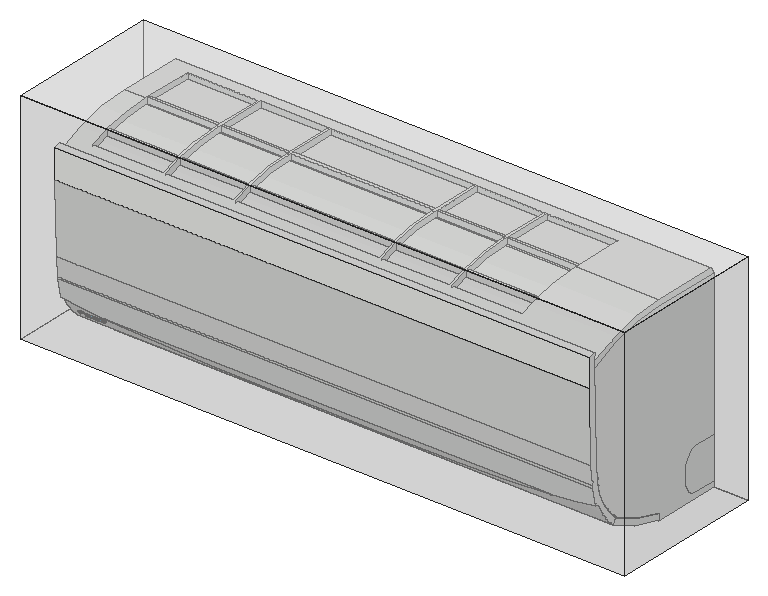
Revit family "outputfile", category 機械設備, Revit 2024 (continued)
Definition of nested family "DAIKIN_indoorunit_CTKM-RVMA"
  Automatic sketch dimensions
    Extrusion 20 sketch curve to Extrusion 20 sketch curve = 0.896 mm
    Extrusion 20 sketch curve to Extrusion 20 sketch curve = 76.3 mm
    Extrusion 20 sketch curve to Extrusion 20 sketch curve = 7.433 mm
    Extrusion 20 sketch curve to Extrusion 20 sketch curve = 26.684 mm
    Extrusion 20 sketch curve to Extrusion 20 sketch curve = 8.909 mm
    plane 1 "Center (Front/Back)" to Extrusion 21 sketch curve = 218.957 mm
    Extrusion 21 sketch curve to Extrusion 21 sketch curve = 5.601 mm
    Extrusion 21 sketch curve to Extrusion 21 sketch curve = 65.735 mm
    Extrusion 21 sketch curve to Extrusion 21 sketch curve = 1.462 mm
    Extrusion 21 sketch curve to Extrusion 21 sketch curve = 83.356 mm
    plane 1 "Center (Front/Back)" to Extrusion 21 sketch curve = 92.093 mm
    Extrusion 21 sketch curve to Extrusion 21 sketch curve = 1.354 mm
    Extrusion 21 sketch curve to level = 291.755 mm
    Extrusion 21 sketch curve to Extrusion 21 sketch curve = 8.588 mm
    Extrusion 21 sketch curve to Extrusion 21 sketch curve = 29.018 mm
    Extrusion 21 sketch curve to Extrusion 21 sketch curve = 7.433 mm
    Extrusion 21 sketch curve to Extrusion 21 sketch curve = 75.403 mm
    Extrusion 21 sketch curve to Extrusion 21 sketch curve = 0.896 mm
    Extrusion 21 sketch curve to level = 72.504 mm
    Extrusion 21 sketch curve to Extrusion 21 sketch curve = 0.504 mm
    plane 1 "Center (Front/Back)" to Extrusion 22 sketch curve = 164.0 mm
    Extrusion 22 sketch curve to Extrusion 22 sketch curve = 34.0 mm
    plane 1 "Center (Front/Back)" to Extrusion 22 sketch curve = 92.093 mm
    Extrusion 22 sketch curve to Extrusion 22 sketch curve = 1.354 mm
    Extrusion 22 sketch curve to level = 291.755 mm
    Extrusion 22 sketch curve to Extrusion 22 sketch curve = 8.588 mm
    Extrusion 22 sketch curve to Extrusion 22 sketch curve = 0.077 mm
    Extrusion 22 sketch curve to Extrusion 22 sketch curve = 9.207 mm
    plane 1 "Center (Front/Back)" to Extrusion 23 sketch curve = 218.957 mm
    Extrusion 23 sketch curve to Extrusion 23 sketch curve = 5.601 mm
    Extrusion 23 sketch curve to Extrusion 23 sketch curve = 49.356 mm
    Extrusion 23 sketch curve to Extrusion 23 sketch curve = 65.735 mm
    Extrusion 23 sketch curve to Extrusion 23 sketch curve = 1.462 mm
    plane 1 "Center (Front/Back)" to Extrusion 23 sketch curve = 92.093 mm
    Extrusion 23 sketch curve to Extrusion 23 sketch curve = 1.354 mm
    Extrusion 23 sketch curve to level = 283.089 mm
    Extrusion 23 sketch curve to Extrusion 23 sketch curve = 9.207 mm
    Extrusion 23 sketch curve to Extrusion 23 sketch curve = 19.733 mm
    Extrusion 23 sketch curve to Extrusion 23 sketch curve = 7.433 mm
    Extrusion 23 sketch curve to Extrusion 23 sketch curve = 75.403 mm
    Extrusion 23 sketch curve to Extrusion 23 sketch curve = 0.896 mm
    Extrusion 23 sketch curve to level = 72.504 mm
    Extrusion 23 sketch curve to Extrusion 23 sketch curve = 0.504 mm
    Extrusion 24 sketch curve to level = 276.055 mm
    plane 1 "Center (Front/Back)" to Extrusion 24 sketch curve = 639.709 mm
    plane 1 "Center (Front/Back)" to Extrusion 24 sketch curve = 258.299 mm
    Extrusion 24 sketch curve to Extrusion 24 sketch curve = 2.64 mm
    Extrusion 24 sketch curve to Extrusion 24 sketch curve = 35.942 mm
    Extrusion 24 sketch curve to Extrusion 24 sketch curve = 1.937 mm
    Extrusion 24 sketch curve to Extrusion 24 sketch curve = 20.299 mm
    Extrusion 24 sketch curve to Extrusion 24 sketch curve = 45.88 mm
    Extrusion 24 sketch curve to Extrusion 24 sketch curve = 41.737 mm
    Extrusion 24 sketch curve to Extrusion 24 sketch curve = 13.741 mm
    Extrusion 24 sketch curve to Extrusion 24 sketch curve = 3.448 mm
    Extrusion 24 sketch curve to level = 253.495 mm
    Extrusion 24 sketch curve to Extrusion 24 sketch curve = 2.571 mm
    Extrusion 24 sketch curve to Extrusion 24 sketch curve = 37.558 mm
    Extrusion 24 sketch curve to Extrusion 24 sketch curve = 33.63 mm
    Extrusion 24 sketch curve to Extrusion 24 sketch curve = 0.492 mm
    Extrusion 24 sketch curve to Extrusion 24 sketch curve = 40.059 mm
    Extrusion 24 sketch curve to Extrusion 24 sketch curve = 22.435 mm
    Extrusion 24 sketch curve to Extrusion 24 sketch curve = 1.992 mm
    Extrusion 24 sketch curve to Extrusion 24 sketch curve = 37.063 mm
    Extrusion 24 sketch curve to Extrusion 24 sketch curve = 0.0 mm
    Extrusion 24 sketch curve to Extrusion 24 sketch curve = 4.147 mm
    Extrusion 25 sketch curve to Extrusion 25 sketch curve = 0.0 mm  (x4)
    Extrusion 25 sketch curve to plane 1 "Center (Front/Back)" = 0.0 mm
    plane 1 "Center (Front/Back)" to Extrusion 25 sketch curve = 87.233 mm
    Extrusion 25 sketch curve to Extrusion 25 sketch curve = 3.506 mm
    Extrusion 25 sketch curve to Extrusion 25 sketch curve = 92.593 mm
    Extrusion 25 sketch curve to Extrusion 25 sketch curve = 45.42 mm
    Extrusion 25 sketch curve to Extrusion 25 sketch curve = 58.927 mm
    Extrusion 25 sketch curve to Extrusion 25 sketch curve = 74.393 mm
    Extrusion 25 sketch curve to Extrusion 25 sketch curve = 2.031 mm
    Extrusion 25 sketch curve to level = 58.927 mm
    Extrusion 25 sketch curve to plane 1 "Center (Front/Back)" = 1866.935 mm
    Extrusion 25 sketch curve to level = 72.504 mm
    Extrusion 25 sketch curve to Extrusion 25 sketch curve = 74.381 mm
    Extrusion 25 sketch curve to Extrusion 25 sketch curve = 24.427 mm
    Extrusion 25 sketch curve to Extrusion 25 sketch curve = 74.426 mm
    Extrusion 25 sketch curve to Extrusion 25 sketch curve = 0.483 mm
    Extrusion 25 sketch curve to Extrusion 25 sketch curve = 4.137 mm
    Extrusion 25 sketch curve to Extrusion 25 sketch curve = 31.393 mm
    Extrusion 25 sketch curve to Extrusion 25 sketch curve = 9.215 mm
    Extrusion 25 sketch curve to level = 8.0 mm
    Extrusion 26 sketch curve to plane 1 "Center (Front/Back)" = 0.0 mm
    Extrusion 26 sketch curve to Extrusion 26 sketch curve = 20.0 mm  (x2)
    Extrusion 26 sketch curve to level = 287.035 mm
    Extrusion 27 sketch curve to plane 1 "Center (Front/Back)" = 0.0 mm
    Extrusion 27 sketch curve to Extrusion 27 sketch curve = 20.0 mm  (x2)
    Extrusion 27 sketch curve to level = 287.035 mm
    plane 1 "Center (Front/Back)" to Extrusion 28 sketch curve = 0.0 mm  (x2)
    plane 3 "Center (Left/Right)" to Extrusion 28 sketch curve = 469.0 mm
    Extrusion 28 sketch curve to Extrusion 28 sketch curve = 20.0 mm  (x4)
    Extrusion 28 sketch curve to plane 3 "Center (Left/Right)" = 409.0 mm
  Nested families
    nested 1: "daikin_logo_plane_w40" at (-320, -198.871, -233.244) x (1, 0, 0) z (0, -0.7841, -0.6206), visible <- "switch_unit1_20-46", type "daikin_logo_plane_w40"
      with show_logo yes
    nested 2: "daikin_logo_plane_w40" at (-430, -237.74, -233.244) x (1, 0, 0) z (0, -0.7841, -0.6206), visible <- "switch_unit1_50-71", type "daikin_logo_plane_w40"
      with show_logo yes
  Definition of nested family "daikin_logo_plane_w40"
    Parameters (values of type "daikin_logo_plane_w40")
      width = 40.0 mm
      show_logo [instance] = yes
      material = none
      height = 0.0 mm
      depth = 0.0 mm
      Default Elevation = 1219.2 mm
    Reference planes
      plane 1 "Center (Front/Back)": y = 0
      plane 2: z = 0
      plane 3 "Center (Left/Right)": x = 0
      plane 4: z = 2
      plane 5 "left": x = -19
      plane 6: x = 19
    Forms (mm)
      Extrusion 1, solid, visible <- "show_logo"
        sketch origin (-19, 0, 0) x (1, 0, 0) y (0, 1, 0)
          loop
            line (8.902, -1.878) -> (7.789, -6.332) -> (11.13, -6.332)
            arc (11.13, -6.332) -> (12.454, -6.064) -> (13.472, -5.176) r 2.642
            arc (13.472, -5.176) -> (13.92, -4.02) -> (13.767, -2.79) r 2.537
            arc (13.767, -2.79) -> (13.452, -2.342) -> (12.982, -2.06) r 1.321
            arc (12.982, -2.06) -> (12.063, -1.902) -> (11.13, -1.878) r 6.479
            line (11.13, -1.878) -> (8.902, -1.878)
          loop
            line (10.016, -5.441) -> (10.907, -5.441)
            arc (10.907, -5.441) -> (11.591, -4.983) -> (11.988, -4.261) r 1.742
            spline (11.988, -4.261) -> (12.01, -4.155) -> (12.027, -4.03) -> (12.037, -3.893) -> (12.037, -3.747) -> (12.026, -3.598) -> (12.002, -3.451) -> (11.962, -3.31) -> (11.905, -3.181) -> (11.829, -3.069) -> (11.731, -2.978) -> (11.61, -2.913) -> (11.464, -2.88)
            line (11.464, -2.88) -> (10.573, -2.88) -> (10.016, -5.441)
          loop
            line (13.58, -6.332) -> (14.805, -6.332) -> (15.223, -5.553) -> (16.977, -5.553) -> (17.144, -6.332) -> (19.149, -6.332) -> (18.258, -1.878) -> (16.03, -1.878) -> (13.58, -6.332)
          loop
            line (16.476, -3.214) -> (15.76, -4.551) -> (16.762, -4.551) -> (16.476, -3.214)
          loop
            line (19.705, -6.332) -> (21.599, -6.332) -> (22.712, -1.878) -> (20.819, -1.878) -> (19.705, -6.332)
          loop
            line (22.712, -6.332) -> (24.606, -6.332) -> (24.908, -5.122) -> (25.831, -6.332) -> (28.17, -6.332) -> (26.388, -3.994) -> (28.949, -1.878) -> (26.945, -1.878) -> (25.401, -3.153) -> (25.719, -1.878) -> (23.826, -1.878) -> (22.712, -6.332)
          loop
            line (29.84, -1.878) -> (28.615, -6.332) -> (30.62, -6.332) -> (31.734, -1.878) -> (29.84, -1.878)
          loop
            line (31.734, -6.332) -> (33.07, -6.332) -> (33.7, -3.814) -> (34.518, -6.332) -> (36.745, -6.332) -> (37.859, -1.878) -> (36.523, -1.878) -> (35.845, -4.589) -> (34.963, -1.878) -> (32.847, -1.878) -> (31.734, -6.332)
        from 0 to 2
      Extrusion 2, solid, visible <- "show_logo"
        sketch origin (-19, 0, 0) x (1, 0, 0) y (0, 1, 0)
          loop
            line (8.7, 0) -> (4.235, 0) -> (0, -3.879) -> (0, -8) -> (8.7, 0)
        from 0 to 2
      Extrusion 3, solid, visible <- "show_logo"
        sketch origin (-19, 0, 0) x (1, 0, 0) y (0, 1, 0)
          loop
            line (0, 0) -> (0, -3.879) -> (4.235, 0) -> (0, 0)
        from 0 to 2
    Dimensions and locks
      plane 4 to plane 2 = 2.0 mm
      equal spacing: plane 5 "left", plane 3 "Center (Left/Right)", plane 6
      locked: plane 5 "left" to plane 6 at 38
      aligned and locked: level to plane 2
      aligned and locked: Extrusion 3 to plane 1 "Center (Front/Back)"  (x2)
      aligned and locked: Extrusion 2 to plane 1 "Center (Front/Back)"  (x2)
      aligned and locked: plane 4 to Extrusion 1
      aligned and locked: plane 4 to Extrusion 3
      aligned and locked: plane 4 to Extrusion 2
      aligned and locked: Extrusion 3 to plane 5 "left"
      aligned and locked: Extrusion 2 to plane 5 "left"
    Automatic sketch dimensions
      Extrusion 1 sketch curve to Extrusion 1 sketch curve = 0.901 mm
      Extrusion 1 sketch curve to Extrusion 1 sketch curve = 1.559 mm
      Extrusion 1 sketch curve to Extrusion 1 sketch curve = 1.327 mm
      Extrusion 1 sketch curve to Extrusion 1 sketch curve = 2.145 mm
      Extrusion 1 sketch curve to Extrusion 1 sketch curve = 1.448 mm
      Extrusion 1 sketch curve to Extrusion 1 sketch curve = 2.116 mm
      Extrusion 1 sketch curve to Extrusion 1 sketch curve = 1.114 mm  (x4)
      Extrusion 1 sketch curve to Extrusion 1 sketch curve = 1.336 mm  (x2)
      plane 1 "Center (Front/Back)" to Extrusion 1 sketch curve = 1.878 mm  (x5)
      Extrusion 1 sketch curve to Extrusion 1 sketch curve = 1.893 mm  (x5)
      Extrusion 1 sketch curve to Extrusion 1 sketch curve = 0.891 mm  (x4)
      Extrusion 1 sketch curve to Extrusion 1 sketch curve = 2.005 mm  (x3)
      Extrusion 1 sketch curve to Extrusion 1 sketch curve = 0.445 mm  (x2)
      plane 1 "Center (Front/Back)" to Extrusion 1 sketch curve = 3.994 mm
      Extrusion 1 sketch curve to Extrusion 1 sketch curve = 0.557 mm  (x2)
      Extrusion 1 sketch curve to Extrusion 1 sketch curve = 2.339 mm  (x2)
      Extrusion 1 sketch curve to Extrusion 1 sketch curve = 1.225 mm  (x3)
      plane 1 "Center (Front/Back)" to Extrusion 1 sketch curve = 3.153 mm
      Extrusion 1 sketch curve to Extrusion 1 sketch curve = 0.987 mm
      plane 1 "Center (Front/Back)" to Extrusion 1 sketch curve = 5.122 mm
      Extrusion 1 sketch curve to Extrusion 1 sketch curve = 0.922 mm
      plane 1 "Center (Front/Back)" to Extrusion 1 sketch curve = 6.332 mm
      Extrusion 1 sketch curve to Extrusion 1 sketch curve = 2.562 mm
      plane 1 "Center (Front/Back)" to Extrusion 1 sketch curve = 5.553 mm
      Extrusion 1 sketch curve to Extrusion 1 sketch curve = 0.167 mm
      Extrusion 1 sketch curve to Extrusion 1 sketch curve = 0.215 mm
      plane 1 "Center (Front/Back)" to Extrusion 1 sketch curve = 3.214 mm
      Extrusion 1 sketch curve to Extrusion 1 sketch curve = 0.286 mm
      plane 1 "Center (Front/Back)" to Extrusion 1 sketch curve = 4.551 mm
      Extrusion 1 sketch curve to Extrusion 1 sketch curve = 1.002 mm
      Extrusion 1 sketch curve to Extrusion 1 sketch curve = 0.537 mm
      Extrusion 1 sketch curve to Extrusion 1 sketch curve = 0.418 mm
      Extrusion 1 sketch curve to Extrusion 1 sketch curve = 1.028 mm
      plane 1 "Center (Front/Back)" to Extrusion 1 sketch curve = 4.261 mm
      Extrusion 1 sketch curve to Extrusion 1 sketch curve = 0.563 mm
      plane 1 "Center (Front/Back)" to Extrusion 1 sketch curve = 2.88 mm
      Extrusion 1 sketch curve to Extrusion 1 sketch curve = 1.088 mm
      Extrusion 1 sketch curve to Extrusion 1 sketch curve = 2.152 mm
      Extrusion 1 sketch curve to Extrusion 1 sketch curve = 0.586 mm
      Extrusion 1 sketch curve to Extrusion 1 sketch curve = 0.118 mm
      Extrusion 1 sketch curve to Extrusion 1 sketch curve = 0.298 mm
      Extrusion 1 sketch curve to Extrusion 1 sketch curve = 0.334 mm
      Extrusion 1 sketch curve to Extrusion 1 sketch curve = 0.223 mm
      Extrusion 1 sketch curve to Extrusion 1 sketch curve = 0.266 mm
      Extrusion 1 sketch curve to Extrusion 1 sketch curve = 1.671 mm
      Extrusion 1 sketch curve to Extrusion 1 sketch curve = 2.227 mm
      Extrusion 1 sketch curve to Extrusion 1 sketch curve = 0.0 mm  (x7)
      Extrusion 1 sketch curve to Extrusion 1 sketch curve = 3.453 mm
      Extrusion 1 sketch curve to Extrusion 1 sketch curve = 2.017 mm
      Extrusion 1 sketch curve to Extrusion 1 sketch curve = 0.78 mm  (x2)
      Extrusion 1 sketch curve to Extrusion 1 sketch curve = 1.743 mm
      Extrusion 1 sketch curve to Extrusion 1 sketch curve = 0.775 mm
      Extrusion 1 sketch curve to Extrusion 1 sketch curve = 0.552 mm
      Extrusion 1 sketch curve to Extrusion 1 sketch curve = 0.014 mm
      Extrusion 1 sketch curve to Extrusion 1 sketch curve = 0.952 mm
      Extrusion 1 sketch curve to Extrusion 1 sketch curve = 1.215 mm
      Extrusion 1 sketch curve to Extrusion 1 sketch curve = 0.108 mm
      plane 1 "Center (Front/Back)" to Extrusion 2 sketch curve = 0.0 mm
      Extrusion 2 sketch curve to plane 3 "Center (Left/Right)" = 19.0 mm
      Extrusion 2 sketch curve to plane 3 "Center (Left/Right)" = 14.765 mm
      Extrusion 2 sketch curve to Extrusion 2 sketch curve = 4.465 mm
      plane 1 "Center (Front/Back)" to Extrusion 2 sketch curve = 3.879 mm
      Extrusion 2 sketch curve to Extrusion 2 sketch curve = 4.12 mm
      plane 1 "Center (Front/Back)" to Extrusion 3 sketch curve = 0.0 mm
      Extrusion 3 sketch curve to plane 3 "Center (Left/Right)" = 19.0 mm
      Extrusion 3 sketch curve to plane 3 "Center (Left/Right)" = 14.765 mm
      plane 1 "Center (Front/Back)" to Extrusion 3 sketch curve = 3.879 mm
      Extrusion 1 sketch curve to plane 3 "Center (Left/Right)" = 11.211 mm
      Extrusion 1 sketch curve to Extrusion 1 sketch curve = 1.782 mm
Definition of nested family "daikin_connector_rotate3"
  Parameters (values of type "daikin_connector_rotate3")
    show [instance] = yes
    radius [instance] = 10.0 mm
    length [instance] = 600.0 mm
    angle_horizontal [instance] = 60.00°
    angle_vertical [instance] = 90.00°
    Default Elevation = 1219.2 mm
  Reference planes
    plane 1 "Center (Front/Back)": y = 0
    plane 2: z = 0
    plane 3 "Center (Left/Right)": x = 0
  Dimensions and locks
    "angle_horizontal": angle plane 3 "Center (Left/Right)" to nested 1
    aligned and locked: level to plane 2
    aligned and locked: plane 1 "Center (Front/Back)" to nested 1  (x2)
    aligned and locked: plane 3 "Center (Left/Right)" to nested 1
  Nested families
    nested 1: "daikin_connector_rotate2" at (0, 0, 0) x (0.5, 0.866, 0) z (0, 0, 1), angle_vertical <- "angle_vertical", length <- "length", radius <- "radius", type "daikin_connector_rotate2"
      with radius 10.0 mm, length 600.0 mm, angle_vertical 90.00°
  Definition of nested family "daikin_connector_rotate2"
    Parameters (values of type "daikin_connector_rotate2")
      show_face = yes
      radius [instance] = 10.0 mm
      length [instance] = 600.0 mm
      d_surface = 10.0 mm
      angle_vertical [instance] = 90.00°
      Default Elevation = 0.0 mm
    Reference planes
      plane 1 "Center (Front/Back)": y = 0
      plane 2: z = 0
      plane 3 "Center (Left/Right)": x = 0
    Forms (mm)
      Extrusion 1, solid, visible <- "show_face"
        sketch origin (0, -600, 0) x (1, 0, 0) y (0, 0, 1)
          loop
            circle (0, 0) r 10
        from 0 to -10
    Lines and regions (mm)
      reference lines
        curve 1: line (0, 0, 0) -> (0, -600, 0)
      symbolic lines
        curve 2: circle (0, 0, 0) r 5 normal (0, 0, 1)
      model lines, visible <- "show_face"
        curve 3: line (0, 0, 0) -> (0, -600, 0)
    Dimensions and locks
      "length": curve 1 to curve 1
      "length": curve 3 to curve 3
      "d_surface": Extrusion 1 to Extrusion 1
      "radius": radius of Extrusion 1 sketch curve
      "angle_vertical": angle curve 1 to plane 1 "Center (Front/Back)"
      "angle_vertical": angle curve 3 to plane 1 "Center (Front/Back)"
      aligned and locked: level to plane 2
      aligned and locked: plane 1 "Center (Front/Back)" to curve 1
      aligned and locked: plane 2 to curve 1
      aligned and locked: plane 1 "Center (Front/Back)" to curve 2
      aligned and locked: plane 3 "Center (Left/Right)" to curve 2
      aligned and locked: plane 1 "Center (Front/Back)" to curve 3
      aligned and locked: plane 2 to curve 3
      aligned and locked: Extrusion 1 to Extrusion 1
    Automatic sketch dimensions
      Extrusion 1 sketch curve to level = 0.0 mm
      Extrusion 1 sketch curve to plane 3 "Center (Left/Right)" = 0.0 mm
      radius of curve 2 = 5.0 mm
